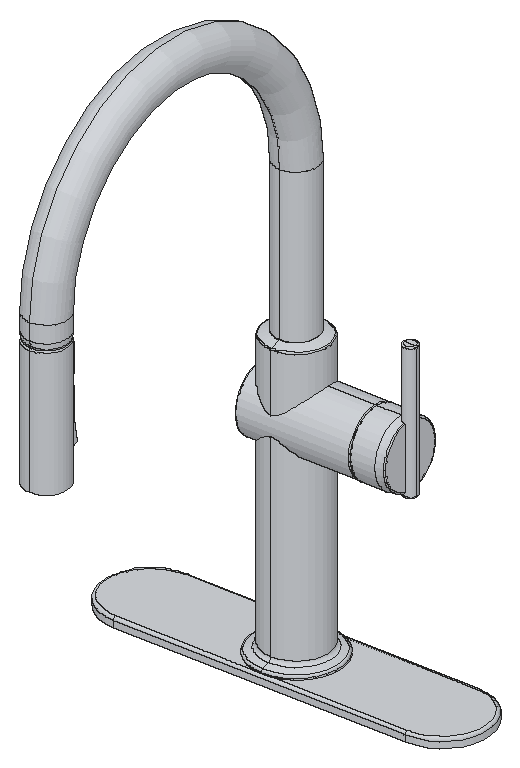
Revit family "Faucet-Kitchen-KOHLER-Crue-K-22974_1", category Plumbing Fixtures, host Face, Revit 2017
Family settings
  Host = Face
  Round Connector Dimension = Use Diameter
  Part Type = Normal
  OmniClass Number = 23.31.11.00
  OmniClass Title = Faucets
  Cut with Voids When Loaded = No
  Shared = No
  Room Calculation Point = No
Parameters (values of type "CP-Polished Chrome")
  Width [instance] = if(Escutcheon Plate, 10 1/2", 2 3/8")  # 10 1/2"
  WaterSense Certified = 1 = 0  # no
  Waste Water Outlet = "Waste Water Outlet"  # constant formula
  Waste Connection = 1 = 0  # no
  Voltage = 120 V  # constant formula
  Vent Connection = 1 = 0  # no
  URL = "https://www.us.kohler.com/us/"
  Type = 1
  Spout Reach = 8 9/16"  # constant formula
  Product Page URL = "http://www.us.kohler.com/us/catalog/productDetails.jsp?productId=22974"
  Product Name = "Crue"  # constant formula
  Product Documentation Link = "https://www.us.kohler.com/webassets/kpna/catalog/pdf/en/K-22974_spec_US-CA_Kohler_en.pdf"
  Pressure = 60.00 psi  # constant formula
  Model = if(Type = 1, "K-22974-CP", if(Type = 2, "K-22974-VS", if(Type = 3, "K-22974-2MB", if(Type = 4, "K-22974-BL", "NA"))))  # "K-22974-CP"
  Material = "Premium Metal Construction"  # constant formula
  Master Format 2014 Name = "Residential Faucets, Supplies, and Trim"  # constant formula
  Master Format 2014 = "22 41 39"  # constant formula
  Manufacturer Address = "444 Highland Dr, Kohler, WI 53044"  # constant formula
  Manufacturer = "KOHLER Co."  # constant formula
  Length = Spout Reach  # 8 9/16"
  Hot Water Inlet = "Hot Water Inlet"  # constant formula
  Height = 17 3/16"  # constant formula
  Handle Clearance = 2 3/4"  # constant formula
  HW Connection = 1 = 1  # yes
  Flow Rate = 1.5 GPM  # constant formula
  Finish = Kohler-Metal-CP-Polished_Chrome
  Escutcheon Plate Height [instance] = if(Escutcheon Plate, 1/4", 0")  # 1/4"
  Escutcheon Plate [instance] = yes
  Environmental Product Declaration = ""
  Electrical Note = "One Dedicated Circuit Required"  # constant formula
  Electrical Connector = 1 = 1  # yes
  Drain Included = 1 = 0  # no
  Distance [instance] = if(Escutcheon Plate, 2 1/2", 2 3/8")  # 2 1/2"
  Description = "Touchless Pulldown Kitchen Faucet"  # constant formula
  Default Elevation = 36"
  Declare Label = ""
  Date Modified = "07/01/2020"  # constant formula
  Date Created = "07/01/2020"  # constant formula
  Copyright = "Copyright KOHLER Co."  # constant formula
  Contact Us = "https://www.us.kohler.com/us/static/contact.jsp"
  Cold Water Inlet = "Cold Water Inlet"  # constant formula
  CW Connection = 1 = 1  # yes
  Assembly Code = "D2010"
  Apparent Load = 0.15 A * Voltage  # 18 VA
  ADA Compliant = 1 = 1  # yes
Types (5): name | Type | Model | Finish
  (no name) | 1 | "K-22974-CP" | Kohler-Metal-CP-Polished_Chrome
  CP-Polished Chrome | 1 | "K-22974-CP" | Kohler-Metal-CP-Polished_Chrome
  VS-Vibrant Stainless | 2 | "K-22974-VS" | Kohler-Metal-VS-Vibrant_Stainless
  2MB-Vibrant Brushed Moderne Brass | 3 | "K-22974-2MB" | Kohler-Metal-2MB-Vibrant_Brushed_Moderne_Brass
  BL-Matte Black | 4 | "K-22974-BL" | Kohler-Metal-BL-Matte_Black
Reference planes (in)
  plane 1 "Center (Front/Back)": y = 0
  plane 2: z = 0
  plane 3 "Center (Left/Right)": x = 0
  plane 4: x = -5.25
  plane 5: x = 5.25
  plane 6: y = 1.25
  plane 7: y = -1.25
  plane 8: z = 0.25
  plane 9: x = -0.60587
  plane 10: x = 0.60587
  plane 11: z = 6.1875
  plane 12: z = 8.9375
  plane 13: z = 7.09203
  plane 14: z = 5.28303
  plane 15: z = 5.22823
  plane 16: x = 3.125
  plane 17: y = -8.5625
  plane 18: z = 17.1875
  plane 19: z = 8.18898
  plane 20: y = 1.1875
  plane 21: y = -1.1875
  plane 22: y = 0.18703
  plane 23: y = -0.1875
  plane 24: x = 3.30058
  plane 25: x = 2.94942
  plane 26: y = 0.9045
  plane 27: y = -0.9045
Dimensions and locks (in)
  equal spacing: plane 4, plane 3 "Center (Left/Right)", plane 5
  "Width": plane 4 to plane 5
  equal spacing: plane 7, plane 1 "Center (Front/Back)", plane 6
  "Distance": plane 7 to plane 6
  "Escutcheon Plate Height": plane 8 to plane 2
  locked: plane 12 to plane 2 at 8.9375
  "Handle Clearance": plane 12 to plane 11
  plane 16 to plane 3 "Center (Left/Right)" = 3 1/8"
  "Spout Reach": plane 1 "Center (Front/Back)" to plane 17
  "Height": plane 18 to plane 2
  plane 19 to plane 2 = 8.18898"
  aligned and locked: plane 2 to host face
  aligned and locked: level to host face
Automatic sketch dimensions
  host sketch curve to host sketch curve = 96"  (x2)
Nested families (in)
  nested 1: "K-22974_Escutcheon_Plate" at (0, 0, 0), type "K-22974_Escutcheon_Plate"
  nested 2: "K-22974" at (0, 0, 0), type "K-22974"
Connectors (in)
  piping at (-0.60587, 0, 0), diameter 0.375, driven by "Flow Rate", driven by "Pressure", driven by "HW Connection", driven by "Hot Water Inlet"
    settings: on nested 1, index 1, connector inside diameter 24", connector length 0", flow factor 0, pipe flow 1.5 GPM, pressure drop 60.00 psi, fitting loss kfactor 0, connector angle 0.00°, fixture units 0, engagement length 0", angle of deflection 0.00°, flow configuration 1, flow direction 1, fitting loss method 4, system type 19, joint type 0, gender type 0, connector reference index -1, connector utility 1, adjustable connector no, is connector primary yes, connector description "Hot Water Inlet"
  piping at (0.60587, 0, 0), diameter 0.375, driven by "Flow Rate", driven by "Pressure", driven by "CW Connection", driven by "Cold Water Inlet"
    settings: on nested 1, index 2, connector inside diameter 24", connector length 0", flow factor 0, pipe flow 1.5 GPM, pressure drop 60.00 psi, fitting loss kfactor 0, connector angle 0.00°, fixture units 0, engagement length 0", angle of deflection 0.00°, flow configuration 1, flow direction 1, fitting loss method 4, system type 20, joint type 0, gender type 0, connector reference index -1, connector utility 1, adjustable connector no, is connector primary no, connector description "Cold Water Inlet"
  electrical at (0, 0, 0), driven by "Voltage", driven by "Apparent Load", driven by "Electrical Connector", driven by "Electrical Note"
    settings: on nested 2, index 3, voltage 120 V, apparent load 18 VA, apparent load phase1 0 VA, apparent load phase2 0 VA, apparent load phase3 0 VA, power factor 1, load classification "Power", number of poles 1, system type 30, power factor state 1, is connector primary yes, connector utility yes, sub classification motor no, connector description "One Dedicated Circuit Required"
Definition of nested family "K-22974_Escutcheon_Plate"
  Parameters (values of type "K-22974_Escutcheon_Plate")
    Material = none
    Escutcheon Plate = yes
  Reference planes (in)
    plane 1 "Center (Front/Back)": y = 0
    plane 2: z = 0
    plane 3 "Center (Left/Right)": x = 0
    plane 4: x = -5.25591
    plane 5: x = 5.25591
    plane 6: y = 1.25
    plane 7: z = 0.25
    plane 8: y = -1.25
    plane 9: x = -1.1875
    plane 10: x = 1.1875
    plane 11: y = 1.1875
    plane 12: y = -1.1875
    plane 13: x = -0.60587
    plane 14: x = 0.60587
  Forms (in)
    Sweep 1, solid, material <- "Material", visible <- "Escutcheon Plate", detail levels medium+fine
      path origin (0, 0, 0) x (1, 0, 0) y (0, 1, 0)
        loop
          line (3.99467, 1.25) -> (-4.00205, 1.25)
          arc (-4.00205, 1.25) -> (-5.25205, 0) -> (-4.00205, -1.25) r 1.25
          line (-4.00205, -1.25) -> (3.99467, -1.25)
          arc (3.99467, -1.25) -> (5.24467, 0) -> (3.99467, 1.25) r 1.25
      profile origin (-0.00369, 1.25, 0) x (0, -1, 0) y (0, 0, 1)
        loop
          arc (0.07812, 0.25) -> (0.02288, 0.22712) -> (0, 0.17187) r 0.07813
          line (0, 0.17187) -> (0, 0) -> (0.18335, 0) -> (0.18335, 0.25) -> (0.07812, 0.25)
    Extrusion 2, solid, material <- "Material", visible <- "Escutcheon Plate", detail levels medium+fine
      sketch origin (0, 0, 0) x (1, 0, 0) y (0, 1, 0)
        loop
          line (-4.00205, -1.06665) -> (3.99467, -1.06665)
          arc (3.99467, -1.06665) -> (5.06132, 0) -> (3.99467, 1.06665) r 1.06665
          line (3.99467, 1.06665) -> (-4.00205, 1.06665)
          arc (-4.00205, 1.06665) -> (-5.0687, 0) -> (-4.00205, -1.06665) r 1.06665
      from 0 to 0.25
    Extrusion 3, void
      sketch origin (0, 0, 0) x (1, 0, 0) y (0, 1, 0)
        loop
          circle (0, 0) r 1.1875
      from 0.11697 to 0.78519
    Extrusion 4, solid, material <- "Material", visible <- "Escutcheon Plate", detail levels coarse
      sketch origin (0, 0, 0) x (1, 0, 0) y (0, 1, 0)
        loop
          line (-5.25591, 1.25) -> (-5.25591, -1.25) -> (5.25591, -1.25) -> (5.25591, 1.25) -> (-5.25591, 1.25)
        loop
          circle (0, 0) r 1.1875
      from 0 to 0.25
    Extrusion 5, solid, material <- "Material", detail levels medium+fine
      sketch origin (0, 0, 0) x (1, 0, 0) y (0, 1, 0)
        loop
          circle (-0.60587, 0) r 0.1875
        loop
          circle (0.60587, 0) r 0.1875
      from 0 to 0.11697
  Cuts and joins
    Extrusion 3 cuts Sweep 1
    Extrusion 3 cuts Extrusion 2
    joined: Sweep 1, Extrusion 2
  Lines and regions (in)
    Masking region 1, visible <- "Escutcheon Plate"
      outline origin (0, 0, 0) x (1, 0, 0) y (0, 0, 1)
        loop
          line (-5.25591, 0.17188) -> (-5.25591, 0) -> (5.25591, 0) -> (5.25591, 0.17188)
          arc (5.25591, 0.17188) -> (5.23302, 0.22712) -> (5.17778, 0.25) r 0.07813
          line (5.17778, 0.25) -> (-5.17778, 0.25)
          arc (-5.17778, 0.25) -> (-5.23302, 0.22712) -> (-5.25591, 0.17188) r 0.07813
    Masking region 2, visible <- "Escutcheon Plate"
      outline origin (0, 0, 0) x (0, 1, 0) y (0, 0, 1)
        loop
          arc (1.25, 0.17338) -> (1.22756, 0.22756) -> (1.17338, 0.25) r 0.07662
          line (1.17338, 0.25) -> (-1.17193, 0.25)
          arc (-1.17193, 0.25) -> (-1.22713, 0.22713) -> (-1.25, 0.17193) r 0.07807
          line (-1.25, 0.17193) -> (-1.25, 0) -> (1.25, 0) -> (1.25, 0.17338)
    Masking region 3, visible <- "Escutcheon Plate"
      outline origin (0, 0, 0) x (1, 0, 0) y (0, 1, 0)
        loop
          line (4.12451, 1.25) -> (-4.12451, 1.25)
          arc (-4.12451, 1.25) -> (-4.93105, 0.84299) -> (-5.25591, 0) r 1.25622
          arc (-5.25591, 0) -> (-4.93105, -0.84299) -> (-4.12451, -1.25) r 1.25622
          line (-4.12451, -1.25) -> (4.12451, -1.25)
          arc (4.12451, -1.25) -> (4.93105, -0.84299) -> (5.25591, 0) r 1.25622
          arc (5.25591, 0) -> (4.93105, 0.84299) -> (4.12451, 1.25) r 1.25622
    symbolic lines, visible <- "Escutcheon Plate", detail levels medium+fine
      curve 1: circle (0, 0, 0) r 1.1875 normal (0, 0, 1)
  Dimensions and locks (in)
    plane 4 to plane 5 = 10.51181"
    locked: plane 8 to plane 6 at 2.5
    locked: plane 7 to plane 2 at 0.25
    locked: plane 9 to plane 10 at 2.375
    locked: plane 11 to plane 12 at 2.375
    aligned and locked: plane 2 to level
Definition of nested family "K-22974"
  Parameters (values of type "K-22974")
    Without Plate = not(With Plate)  # no
    With Plate = yes
    Material = none
  Reference planes (in)
    plane 1 "Center (Front/Back)": y = 0
    plane 2: z = 0
    plane 3 "Center (Left/Right)": x = 0
    plane 4: z = 17.1875
    plane 5: y = -8.5625
    plane 6: z = 8.18898
    plane 7: y = 1.1875
    plane 8: y = -1.1875
    plane 9: x = -1.1875
    plane 10: x = 1.1875
    plane 11: z = 0.25
    plane 12: x = 3.125
    plane 13: z = 8.9375
    plane 14: z = 6.1875
    plane 15: z = 7.09203
    plane 16: z = 5.28303
    plane 17: z = 5.22823
    plane 18: y = -0.9045
    plane 19: y = 0.9045
    plane 20: y = 0.18703
    plane 21: y = -0.1875
    plane 22: x = 3.30058
    plane 23: x = 2.94942
  Forms (in)
    Revolve 1, solid, material <- "Material", detail levels medium+fine
      sketch origin (0, 0, 0) x (0, 1, 0) y (0, 0, 1)
        loop
          line (1.1875, 0.12059) -> (1.1875, 0.27852)
          arc (1.1875, 0.27852) -> (1.1748, 0.31847) -> (1.14135, 0.34374) r 0.06917
          line (1.14135, 0.34374) -> (0.94681, 0.41242)
          arc (0.94681, 0.41242) -> (0.88752, 0.45724) -> (0.865, 0.52806) r 0.12264
          line (0.865, 0.52806) -> (0.865, 8.05329)
          arc (0.865, 8.05329) -> (0.85813, 8.07373) -> (0.84032, 8.08587) r 0.03385
          line (0.84032, 8.08587) -> (0.56508, 8.16339) -> (0.42051, 8.16339)
          arc (0.42051, 8.16339) -> (0.3972, 8.1719) -> (0.38486, 8.19343) r 0.03617
          line (0.38486, 8.19343) -> (0, 8.19343) -> (0, 0.07059) -> (1.16753, 0.07059)
          arc (1.16753, 0.07059) -> (1.18232, 0.09367) -> (1.1875, 0.12059) r 0.07259
        axis (0, 8.19343) -> (0, 0.07059)
      angle from 0 to 360
    Sweep 2, solid, material <- "Material", detail levels medium+fine
      path origin (0, 0, 0) x (0, 1, 0) y (0, 0, 1)
        loop
          line (-8.5625, 11.89718) -> (-8.5625, 12.36027)
          arc (-8.5625, 12.36027) -> (-4.28125, 16.64152) -> (0, 12.36027) r 4.28125
          line (0, 12.36027) -> (0, 8.18801)
      profile origin (0, 0, 10.27414) x (1, 0, 0) y (0, 1, 0)
        loop
          circle (0, 0) r 0.56299
    Revolve 3, solid, material <- "Material", detail levels medium+fine
      sketch origin (0, 0, 0) x (0, 1, 0) y (0, 0, 1)
        loop
          line (-8.5625, 11.89718) -> (-8.5625, 8.18898) -> (-7.99951, 8.18898) -> (-7.99951, 11.67501)
          arc (-7.99951, 11.67501) -> (-8.01425, 11.7088) -> (-8.04904, 11.72098) r 0.0461
          arc (-8.04904, 11.72098) -> (-8.02469, 11.73157) -> (-8.01312, 11.75547) r 0.0382
          line (-8.01312, 11.75547) -> (-7.99951, 11.89718) -> (-8.5625, 11.89718)
        axis (-8.5625, 11.89718) -> (-8.5625, 8.18898)
      angle from 0 to 360
    Extrusion 4, solid, detail levels medium+fine
      sketch origin (0, 0, 0) x (0, 1, 0) y (0, 0, 1)
        loop
          line (-7.90327, 11.41895) -> (-8.11595, 11.41895) -> (-8.11595, 10.61999) -> (-7.90463, 10.61999)
          arc (-7.90463, 10.61999) -> (-7.87992, 10.63023) -> (-7.86968, 10.65494) r 0.03495
          line (-7.86968, 10.65494) -> (-7.86968, 11.38536)
          arc (-7.86968, 11.38536) -> (-7.87952, 11.40911) -> (-7.90327, 11.41895) r 0.03359
        loop
          arc (-7.89688, 10.32983) -> (-7.96632, 10.34545) -> (-8.03686, 10.35488) r 0.80561
          line (-8.03686, 10.35488) -> (-8.03686, 8.81777)
          arc (-8.03686, 8.81777) -> (-7.9146, 8.84357) -> (-7.79869, 8.89024) r 0.71535
          arc (-7.79869, 8.89024) -> (-7.781, 8.90777) -> (-7.77679, 8.93232) r 0.0408
          line (-7.77679, 8.93232) -> (-7.85613, 9.49408)
          arc (-7.85613, 9.49408) -> (-7.86101, 9.54027) -> (-7.86264, 9.5867) r 0.66217
          line (-7.86264, 9.5867) -> (-7.86264, 10.28504)
          arc (-7.86264, 10.28504) -> (-7.87218, 10.31323) -> (-7.89688, 10.32983) r 0.04642
      from -0.19331 to 0.19273
    Revolve 5, solid, material <- "Material", detail levels medium+fine
      sketch origin (0, 0, 0) x (1, 0, 0) y (0, 0, 1)
        loop
          line (3.125, 6.1875) -> (3.125, 7.03676)
          arc (3.125, 7.03676) -> (3.11706, 7.05589) -> (3.0979, 7.06377) r 0.02701
          arc (3.0979, 7.06377) -> (2.98915, 7.07068) -> (2.88228, 7.092) r 0.81743
          line (2.88228, 7.092) -> (2.2063, 7.092)
          arc (2.2063, 7.092) -> (2.18987, 7.0852) -> (2.18307, 7.06816) r 0.02322
          arc (2.18307, 7.06816) -> (2.17609, 7.08502) -> (2.15923, 7.092) r 0.02384
          line (2.15923, 7.092) -> (-0.93569, 7.092)
          arc (-0.93569, 7.092) -> (-0.95288, 7.08488) -> (-0.96, 7.06769) r 0.02431
          line (-0.96, 7.06769) -> (-0.96, 6.1875) -> (3.125, 6.1875)
        axis (3.125, 6.1875) -> (-0.96, 6.1875)
      angle from 0 to 360
    Revolve 6, solid, material <- "Material", detail levels medium+fine
      sketch origin (0, 0, 0) x (1, 0, 0) y (0, 0, 1)
        loop
          line (3.125, 8.9375) -> (2.96681, 8.9375)
          arc (2.96681, 8.9375) -> (2.94609, 8.92892) -> (2.9375, 8.90819) r 0.02931
          line (2.9375, 8.90819) -> (2.9375, 5.25788)
          arc (2.9375, 5.25788) -> (2.94619, 5.23692) -> (2.96715, 5.22823) r 0.02965
          line (2.96715, 5.22823) -> (3.125, 5.22823) -> (3.125, 8.9375)
        axis (3.125, 8.9375) -> (3.125, 5.22823)
      angle from 0 to 360
    Extrusion 7, solid, detail levels medium+fine
      sketch origin (0, 0, 0) x (1, 0, 0) y (0, 1, 0)
        loop
          circle (-0.00036, -8.16961) r 0.04327
        loop
          circle (-0.12815, -8.19227) r 0.04327
        loop
          circle (-0.24048, -8.25727) r 0.04327
        loop
          circle (-0.32381, -8.35677) r 0.04327
        loop
          circle (-0.36808, -8.47877) r 0.04327
        loop
          circle (0.12815, -8.19227) r 0.04327
        loop
          circle (0.24048, -8.25727) r 0.04327
        loop
          circle (0.32381, -8.35677) r 0.04327
        loop
          circle (0.36808, -8.47877) r 0.04327
        loop
          circle (-0.00036, -8.917) r 0.04327
        loop
          circle (-0.12815, -8.89434) r 0.04327
        loop
          circle (-0.24048, -8.82935) r 0.04327
        loop
          circle (-0.32381, -8.72985) r 0.04327
        loop
          circle (-0.36808, -8.60785) r 0.04327
        loop
          circle (0.12815, -8.89434) r 0.04327
        loop
          circle (0.24048, -8.82935) r 0.04327
        loop
          circle (0.32381, -8.72985) r 0.04327
        loop
          circle (0.36808, -8.60785) r 0.04327
      from 8.14126 to 8.50844
    Revolve 8, solid, material <- "Material", detail levels coarse
      sketch origin (0, 0, 0) x (0, 1, 0) y (0, 0, 1)
        loop
          line (0, 0) -> (1.25, 0) -> (1.25, 0.37438) -> (0.89071, 0.45354) -> (0.89071, 8.05935) -> (0.56299, 8.18801) -> (0, 8.18801) -> (0, 0)
        axis (0, 8.18801) -> (0, 0)
      angle from 0 to 360
    Revolve 9, solid, material <- "Material", detail levels coarse
      sketch origin (0, 0, 0) x (1, 0, 0) y (0, 0, 1)
        loop
          line (3.125, 6.1875) -> (3.125, 7.092) -> (-0.99755, 7.092) -> (-0.99755, 6.1875) -> (3.125, 6.1875)
        axis (-0.99755, 6.1875) -> (3.125, 6.1875)
      angle from 0 to 360
    Revolve 10, solid, material <- "Material", detail levels coarse
      sketch origin (0, 0, 0) x (1, 0, 0) y (0, 0, 1)
        loop
          line (3.30058, 8.9375) -> (3.125, 8.9375) -> (3.125, 5.22823) -> (3.30058, 5.22823) -> (3.30058, 8.9375)
        axis (3.125, 8.9375) -> (3.125, 5.22823)
      angle from 0 to 360
    Sweep 11, solid, material <- "Material", detail levels coarse
      path origin (0, 0, 0) x (0, 1, 0) y (0, 0, 1)
        loop
          line (0, 7.59843) -> (0, 12.37803)
          arc (0, 12.37803) -> (-4.27165, 16.64969) -> (-8.54331, 12.37803) r 4.27165
          line (-8.54331, 12.37803) -> (-8.54331, 8.10436)
      profile origin (0, 0, 9.98823) x (0, -1, 0) y (1, 0, 0)
        loop
          circle (0, 0) r 0.56299
    Revolve 12, solid, detail levels medium+fine
      sketch origin (0, 0, 0) x (0, 1, 0) y (0, 0, 1)
        loop
          line (0, 0) -> (1.1875, 0) -> (1.1875, 0.04464)
          arc (1.1875, 0.04464) -> (1.18198, 0.06097) -> (1.16768, 0.0706) r 0.02691
          line (1.16768, 0.0706) -> (0, 0.0706) -> (0, 0)
        axis (0, 0.0706) -> (0, 0)
      angle from 0 to 360
  Cuts and joins
    joined: Revolve 1, Sweep 2, Revolve 3, Revolve 5, Revolve 6
    joined: Revolve 8, Revolve 9, Revolve 10, Sweep 11
  Lines and regions (in)
    Masking region 1
      outline origin (0, 0, 0) x (1, 0, 0) y (0, 0, 1)
        loop
          arc (0.865, 0.5066) -> (0.89071, 0.43085) -> (0.95723, 0.38641) r 0.12443
          line (0.95723, 0.38641) -> (1.15005, 0.33474)
          arc (1.15005, 0.33474) -> (1.17706, 0.31669) -> (1.1875, 0.28593) r 0.05053
          line (1.1875, 0.28593) -> (1.1875, 0.25) -> (-1.1875, 0.25) -> (-1.1875, 0.28593)
          arc (-1.1875, 0.28593) -> (-1.17706, 0.31669) -> (-1.15005, 0.33474) r 0.05053
          line (-1.15005, 0.33474) -> (-0.95723, 0.38641)
          arc (-0.95723, 0.38641) -> (-0.89071, 0.43085) -> (-0.865, 0.5066) r 0.12443
          line (-0.865, 0.5066) -> (-0.865, 5.28303) -> (-0.93615, 5.28303)
          arc (-0.93615, 5.28303) -> (-0.95301, 5.29002) -> (-0.96, 5.30688) r 0.02385
          line (-0.96, 5.30688) -> (-0.96, 7.06812)
          arc (-0.96, 7.06812) -> (-0.953, 7.08503) -> (-0.93609, 7.09203) r 0.02391
          line (-0.93609, 7.09203) -> (-0.865, 7.09203) -> (-0.865, 8.0537)
          arc (-0.865, 8.0537) -> (-0.85824, 8.07381) -> (-0.84071, 8.08577) r 0.03332
          line (-0.84071, 8.08577) -> (-0.56505, 8.16339) -> (-0.4299, 8.16339) -> (-0.41062, 8.18898) -> (-0.5583, 8.18898) -> (-0.5583, 16.62451)
          arc (-0.5583, 16.62451) -> (0.00469, 17.1875) -> (0.56768, 16.62451) r 0.56299
          line (0.56768, 16.62451) -> (0.56768, 8.18898) -> (0.41062, 8.18898) -> (0.4299, 8.16339) -> (0.56505, 8.16339) -> (0.84071, 8.08577)
          arc (0.84071, 8.08577) -> (0.85824, 8.07381) -> (0.865, 8.0537) r 0.03332
          line (0.865, 8.0537) -> (0.865, 7.09203) -> (2.15992, 7.09203)
          arc (2.15992, 7.09203) -> (2.17629, 7.08525) -> (2.18307, 7.06888) r 0.02315
          arc (2.18307, 7.06888) -> (2.18946, 7.08564) -> (2.20488, 7.09203) r 0.02181
          line (2.20488, 7.09203) -> (2.88264, 7.09203) -> (2.93787, 7.07916) -> (2.93787, 8.9078)
          arc (2.93787, 8.9078) -> (2.94657, 8.9288) -> (2.96757, 8.9375) r 0.0297
          line (2.96757, 8.9375) -> (3.28243, 8.9375)
          arc (3.28243, 8.9375) -> (3.30394, 8.92859) -> (3.31285, 8.90708) r 0.03042
          line (3.31285, 8.90708) -> (3.31285, 5.25805)
          arc (3.31285, 5.25805) -> (3.30412, 5.23696) -> (3.28304, 5.22823) r 0.02981
          line (3.28304, 5.22823) -> (2.96772, 5.22823)
          arc (2.96772, 5.22823) -> (2.94661, 5.23697) -> (2.93787, 5.25808) r 0.02985
          line (2.93787, 5.25808) -> (2.93787, 5.29578) -> (2.88264, 5.28303) -> (2.20576, 5.28303)
          arc (2.20576, 5.28303) -> (2.18972, 5.28968) -> (2.18307, 5.30572) r 0.02269
          arc (2.18307, 5.30572) -> (2.17586, 5.29024) -> (2.15845, 5.28303) r 0.02462
          line (2.15845, 5.28303) -> (0.865, 5.28303) -> (0.865, 0.51257)
    Masking region 2
      outline origin (0, 0, 0) x (0, 1, 0) y (0, 0, 1)
        loop
          line (-0.56299, 8.18801) -> (-0.41135, 8.18801) -> (-0.4299, 8.16339) -> (-0.56505, 8.16339) -> (-0.84071, 8.08577)
          arc (-0.84071, 8.08577) -> (-0.85824, 8.07381) -> (-0.865, 8.0537) r 0.03332
          line (-0.865, 8.0537) -> (-0.865, 6.45188)
          arc (-0.865, 6.45188) -> (-0.9045, 6.1875) -> (-0.865, 5.92312) r 0.9045
          line (-0.865, 5.92312) -> (-0.865, 0.51255)
          arc (-0.865, 0.51255) -> (-0.89071, 0.4368) -> (-0.95723, 0.39235) r 0.12443
          line (-0.95723, 0.39235) -> (-1.15005, 0.34069)
          arc (-1.15005, 0.34069) -> (-1.17706, 0.32264) -> (-1.1875, 0.29188) r 0.05053
          line (-1.1875, 0.29188) -> (-1.1875, 0.25) -> (1.1875, 0.25) -> (1.1875, 0.29188)
          arc (1.1875, 0.29188) -> (1.17706, 0.32264) -> (1.15005, 0.34069) r 0.05053
          line (1.15005, 0.34069) -> (0.95723, 0.39235)
          arc (0.95723, 0.39235) -> (0.89071, 0.4368) -> (0.865, 0.51255) r 0.12443
          line (0.865, 0.51255) -> (0.865, 5.92312)
          arc (0.865, 5.92312) -> (0.9045, 6.1875) -> (0.865, 6.45188) r 0.9045
          line (0.865, 6.45188) -> (0.865, 8.0537)
          arc (0.865, 8.0537) -> (0.85824, 8.07381) -> (0.84071, 8.08577) r 0.03332
          line (0.84071, 8.08577) -> (0.56505, 8.16339) -> (0.4299, 8.16339) -> (0.41135, 8.18801) -> (0.54089, 8.18801) -> (0.54089, 12.35431)
          arc (0.54089, 12.35431) -> (-4.2923, 17.1875) -> (-9.12549, 12.35431) r 4.83319
          line (-9.12549, 12.35431) -> (-9.12549, 11.89718) -> (-9.11181, 11.75476)
          arc (-9.11181, 11.75476) -> (-9.0998, 11.73144) -> (-9.07503, 11.72279) r 0.03539
          arc (-9.07503, 11.72279) -> (-9.10575, 11.70885) -> (-9.11832, 11.67755) r 0.04526
          line (-9.11832, 11.67755) -> (-9.11832, 8.18898) -> (-8.9757, 8.18898) -> (-8.9757, 8.10436) -> (-8.82446, 8.10436) -> (-8.82446, 8.18898) -> (-8.79368, 8.18898) -> (-8.79368, 8.10436) -> (-8.72496, 8.10436) -> (-8.72496, 8.18898) -> (-8.6895, 8.18898) -> (-8.6895, 8.10436) -> (-8.60296, 8.10436) -> (-8.60296, 8.18898) -> (-8.52204, 8.18898) -> (-8.52204, 8.10436) -> (-8.4355, 8.10436) -> (-8.4355, 8.18898) -> (-8.40004, 8.18898) -> (-8.40004, 8.10436) -> (-8.33132, 8.10436) -> (-8.33132, 8.18898) -> (-8.30054, 8.18898) -> (-8.30054, 8.10436) -> (-8.1493, 8.10436) -> (-8.1493, 8.18898) -> (-8.00668, 8.18898) -> (-8.00668, 8.82208)
          arc (-8.00668, 8.82208) -> (-7.90007, 8.84816) -> (-7.79869, 8.89024) r 0.71535
          arc (-7.79869, 8.89024) -> (-7.781, 8.90777) -> (-7.77679, 8.93232) r 0.0408
          line (-7.77679, 8.93232) -> (-7.85613, 9.49408)
          arc (-7.85613, 9.49408) -> (-7.86101, 9.54027) -> (-7.86264, 9.5867) r 0.66217
          line (-7.86264, 9.5867) -> (-7.86264, 10.28504)
          arc (-7.86264, 10.28504) -> (-7.87218, 10.31323) -> (-7.89688, 10.32983) r 0.04642
          arc (-7.89688, 10.32983) -> (-7.9514, 10.34264) -> (-8.00668, 10.35162) r 0.80561
          line (-8.00668, 10.35162) -> (-8.00668, 10.61999) -> (-7.90463, 10.61999)
          arc (-7.90463, 10.61999) -> (-7.87992, 10.63023) -> (-7.86968, 10.65494) r 0.03495
          line (-7.86968, 10.65494) -> (-7.86968, 11.38536)
          arc (-7.86968, 11.38536) -> (-7.87952, 11.40911) -> (-7.90327, 11.41895) r 0.03359
          line (-7.90327, 11.41895) -> (-8.00668, 11.41895) -> (-8.00668, 11.67657)
          arc (-8.00668, 11.67657) -> (-8.01933, 11.70833) -> (-8.05035, 11.72269) r 0.04619
          arc (-8.05035, 11.72269) -> (-8.02534, 11.73132) -> (-8.01319, 11.75476) r 0.03539
          line (-8.01319, 11.75476) -> (-7.99951, 11.89718) -> (-7.99951, 12.36043)
          arc (-7.99951, 12.36043) -> (-4.28125, 16.07868) -> (-0.56299, 12.36043) r 3.71826
          line (-0.56299, 12.36043) -> (-0.56299, 8.19374)
    Masking region 3
      outline origin (0, 0, 0) x (1, 0, 0) y (0, 1, 0)
        loop
          arc (0, -9.1063) -> (0.3981, -8.9414) -> (0.56299, -8.54331) r 0.56299
          line (0.56299, -8.54331) -> (0.56299, -1.04556)
          arc (0.56299, -1.04556) -> (0.66994, -0.98048) -> (0.76944, -0.9045) r 1.1875
          line (0.76944, -0.9045) -> (2.16011, -0.9045)
          arc (2.16011, -0.9045) -> (2.17635, -0.89778) -> (2.18307, -0.87979) r 0.02296
          arc (2.18307, -0.87979) -> (2.19031, -0.89726) -> (2.20778, -0.9045) r 0.02471
          line (2.20778, -0.9045) -> (2.88228, -0.9045)
          arc (2.88228, -0.9045) -> (2.9893, -0.88315) -> (3.09822, -0.87626) r 0.81722
          arc (3.09822, -0.87626) -> (3.11715, -0.86848) -> (3.125, -0.84958) r 0.02668
          line (3.125, -0.84958) -> (3.125, -0.18703)
          arc (3.125, -0.18703) -> (3.31203, 0) -> (3.125, 0.18703) r 0.18703
          line (3.125, 0.18703) -> (3.125, 0.84979)
          arc (3.125, 0.84979) -> (3.11721, 0.86854) -> (3.09843, 0.87626) r 0.02647
          arc (3.09843, 0.87626) -> (2.98941, 0.88314) -> (2.88228, 0.9045) r 0.81722
          line (2.88228, 0.9045) -> (2.20565, 0.9045)
          arc (2.20565, 0.9045) -> (2.18968, 0.89789) -> (2.18307, 0.88099) r 0.02258
          arc (2.18307, 0.88099) -> (2.17619, 0.89762) -> (2.15956, 0.9045) r 0.02351
          line (2.15956, 0.9045) -> (0.71686, 0.9045)
          arc (0.71686, 0.9045) -> (0.38023, 1.1012) -> (0, 1.1875) r 1.28072
          arc (0, 1.1875) -> (-0.40992, 1.11451) -> (-0.76944, 0.9045) r 1.1875
          line (-0.76944, 0.9045) -> (-0.96, 0.9045) -> (-0.96, 0.69897)
          arc (-0.96, 0.69897) -> (-1.12919, 0.36753) -> (-1.1875, 0) r 1.1875
          arc (-1.1875, 0) -> (-1.12925, -0.37417) -> (-0.96, -0.71292) r 1.2308
          line (-0.96, -0.71292) -> (-0.96, -0.9045) -> (-0.79141, -0.9045)
          arc (-0.79141, -0.9045) -> (-0.68128, -0.98516) -> (-0.56299, -1.05331) r 1.2481
          line (-0.56299, -1.05331) -> (-0.56299, -8.54331)
          arc (-0.56299, -8.54331) -> (-0.3981, -8.9414) -> (0, -9.1063) r 0.56299
    Masking region 4, visible <- "Without Plate"
      outline origin (0, 0, 0) x (1, 0, 0) y (0, 0, 1)
        loop
          line (0.00011, 0) -> (1.18771, 0) -> (1.18771, 0.0506)
          arc (1.18771, 0.0506) -> (1.18189, 0.06471) -> (1.16781, 0.07059) r 0.01999
          arc (1.16781, 0.07059) -> (1.18141, 0.09238) -> (1.18739, 0.11736) r 0.07978
          line (1.18739, 0.11736) -> (1.18739, 0.25) -> (-1.18739, 0.25) -> (-1.18739, 0.1232)
          arc (-1.18739, 0.1232) -> (-1.18228, 0.09509) -> (-1.16759, 0.07059) r 0.07978
          arc (-1.16759, 0.07059) -> (-1.18167, 0.06471) -> (-1.1875, 0.0506) r 0.01999
          line (-1.1875, 0.0506) -> (-1.1875, 0) -> (0.00011, 0)
    Masking region 5, visible <- "Without Plate"
      outline origin (0, 0, 0) x (0, 1, 0) y (0, 0, 1)
        loop
          line (1.1875, 0) -> (1.1875, 0.04967)
          arc (1.1875, 0.04967) -> (1.1817, 0.06413) -> (1.16752, 0.07058) r 0.02093
          arc (1.16752, 0.07058) -> (1.18234, 0.09506) -> (1.1875, 0.1232) r 0.07929
          line (1.1875, 0.1232) -> (1.1875, 0.25) -> (-1.1875, 0.25) -> (-1.1875, 0.1232)
          arc (-1.1875, 0.1232) -> (-1.18234, 0.09506) -> (-1.16752, 0.07058) r 0.07929
          arc (-1.16752, 0.07058) -> (-1.1817, 0.06413) -> (-1.1875, 0.04967) r 0.02093
          line (-1.1875, 0.04967) -> (-1.1875, 0) -> (1.1875, 0)
    symbolic lines, detail levels medium+fine
      curve 1: line (-0.95723, 0, 0.38641) -> (0.95723, 0, 0.38641)
      curve 2: line (-1.15005, 0, 0.33474) -> (1.15005, 0, 0.33474)
      curve 3: line (-0.51992, 0, 11.72098) -> (0.51211, 0, 11.72098)
      curve 4: line (-0.5583, 0, 11.89718) -> (0.56768, 0, 11.89718)
      curve 5: line (2.18307, 0, 7.07022) -> (2.18307, 0, 5.30572)
      curve 6: line (3.12536, 0, 7.01571) -> (3.12536, 0, 5.35911)
      curve 7: spline (3.12535, 0, 7.01571) -> (3.12511, 0, 7.01931) -> (3.12441, 0, 7.02284) -> (3.12327, 0, 7.02626) -> (3.1217, 0, 7.02951) -> (3.11973, 0, 7.03253) -> (3.1174, 0, 7.03528) -> (3.11474, 0, 7.0377) -> (3.1118, 0, 7.03977) -> (3.10862, 0, 7.04144) -> (3.10526, 0, 7.04268) -> (3.10177, 0, 7.04348) -> (3.09821, 0, 7.04383)
      curve 8: line (3.09821, 0, 7.04383) -> (2.93787, 0, 7.07905)
      curve 9: line (2.93787, 0, 5.29578) -> (3.09825, 0, 5.33101)
      curve 10: spline (3.09825, 0, 5.33101) -> (3.10183, 0, 5.33135) -> (3.10533, 0, 5.33214) -> (3.10871, 0, 5.33338) -> (3.1119, 0, 5.33505) -> (3.11485, 0, 5.33711) -> (3.11751, 0, 5.33953) -> (3.11983, 0, 5.34228) -> (3.12179, 0, 5.3453) -> (3.12334, 0, 5.34855) -> (3.12447, 0, 5.35198) -> (3.12514, 0, 5.35552) -> (3.12536, 0, 5.35911)
      curve 11: line (0.865, 0, 5.28303) -> (0, 0, 5.92315)
      curve 12: line (0, 0, 5.92315) -> (-0.865, 0, 5.28303)
      curve 13: line (0, 0, 6.45191) -> (0.865, 0, 7.09203)
      curve 14: line (-0.865, 0, 7.09203) -> (0, 0, 6.45191)
      curve 15: arc (0, 0.1875, 7.07235) -> (0, 0.61089, 6.85454) -> (0, 0.865, 6.45188) r 0.9045
      curve 16: line (0, 0.41135, 8.18801) -> (0, 0.1875, 8.18801)
      curve 17: line (0, 0.1875, 8.91661) -> (0, 0.1875, 7.07235)
      curve 18: line (0, 0.1875, 8.16339) -> (0, 0.4299, 8.16339)
      curve 19: line (0, 0.16661, 8.9375) -> (0, 0, 8.9375)
      curve 20: line (0, 0.1875, 5.30265) -> (0, 0.1875, 5.25634)
      curve 21: arc (0, 0.865, 5.92312) -> (0, 0.61089, 5.52046) -> (0, 0.1875, 5.30265) r 0.9045
      curve 22: line (0, -0.00046, 5.22823) -> (0, 0.15939, 5.22823)
      curve 23: arc (0, 0.1875, 5.25634) -> (0, 0.17927, 5.23646) -> (0, 0.15939, 5.22823) r 0.02811
      curve 24: arc (0, -0.1875, 7.07235) -> (0, -0.61089, 6.85454) -> (0, -0.865, 6.45188) r 0.9045
      curve 25: line (0, -0.41135, 8.18801) -> (0, -0.1875, 8.18801)
      curve 26: line (0, -0.1875, 8.91972) -> (0, -0.1875, 7.07235)
      curve 27: line (0, -0.1875, 8.16339) -> (0, -0.4299, 8.16339)
      curve 28: line (0, -0.16972, 8.9375) -> (0, 0, 8.9375)
      curve 29: line (0, -0.1875, 5.30265) -> (0, -0.1875, 5.25634)
      curve 30: arc (0, -0.865, 5.92312) -> (0, -0.61089, 5.52046) -> (0, -0.1875, 5.30265) r 0.9045
      curve 31: line (0, -0.00046, 5.22823) -> (0, -0.15939, 5.22823)
      curve 32: arc (0, -0.1875, 5.25634) -> (0, -0.17927, 5.23646) -> (0, -0.15939, 5.22823) r 0.02811
      curve 34: line (-0.84071, 0, 8.08577) -> (0.41135, 0, 8.08577)
      curve 35: line (-0.41135, 0, 8.14126) -> (-0.32481, 0, 8.14126)
      curve 36: line (-0.41135, 0, 8.14126) -> (-0.41135, 0, 8.18898)
      curve 37: line (0.41135, 0, 8.08577) -> (0.84071, 0, 8.08577)
      curve 38: line (2.18307, -0.87979, 0) -> (2.18307, 0.88099, 0)
      curve 39: arc (2.9375, 0, 0) -> (2.99243, 0.13259, 0) -> (3.12502, 0.1875, 0) r 0.1875
      curve 40: arc (3.125, -0.1875, 0) -> (2.99242, -0.13258, 0) -> (2.9375, 0, 0) r 0.1875
      curve 41: line (0.71686, 0.9045, 0) -> (-0.76944, 0.9045, 0)
      curve 42: line (0.76944, -0.9045, 0) -> (0.56299, -0.9045, 0)
      curve 43: arc (0.56299, 0.04857, 0) -> (0, 0.56508, 0) -> (-0.56299, 0.04857, 0) r 0.56508
      curve 44: line (0.56299, -1.04556, 0) -> (0.56299, 0.04857, 0)
      curve 45: line (-0.56299, -1.05331, 0) -> (-0.56299, 0.04857, 0)
      curve 46: line (-0.56299, -0.9045, 0) -> (-0.79141, -0.9045, 0)
      curve 47: arc (0.56299, -0.65671, 0) -> (0, 0.865, 0) -> (-0.56299, -0.65671, 0) r 0.865
      curve 48: line (-0.96, 0.69897, 0) -> (-0.96, -0.71292, 0)
      curve 50: line (0, 0.95723, 0.39235) -> (0, -0.95723, 0.39235)
      curve 51: line (0, -8.05035, 11.72281) -> (0, -9.08028, 11.72281)
      curve 52: line (0, -7.99951, 11.89718) -> (0, -9.12549, 11.89718)
      curve 53: line (-0.41135, 0, 8.14126) -> (-0.41135, 0, 8.18898)
      curve 54: line (-0.32481, 0, 8.18898) -> (-0.32481, 0, 8.14126)
      curve 55: line (-0.28054, 0, 8.14126) -> (-0.19721, 0, 8.14126)
      curve 56: line (-0.28054, 0, 8.14126) -> (-0.28054, 0, 8.18898)
      curve 57: line (-0.17142, 0, 8.14126) -> (-0.08488, 0, 8.14126)
      curve 58: line (-0.19721, 0, 8.14126) -> (-0.19721, 0, 8.18898)
      curve 59: line (-0.17142, 0, 8.14126) -> (-0.17142, 0, 8.18898)
      curve 60: line (-0.04363, 0, 8.14126) -> (0.04363, 0, 8.14126)
      curve 61: line (-0.08488, 0, 8.14126) -> (-0.08488, 0, 8.18898)
      curve 62: line (-0.04363, 0, 8.14126) -> (-0.04363, 0, 8.18898)
      curve 63: line (0.08488, 0, 8.14126) -> (0.08488, 0, 8.18898)
      curve 64: line (0.04363, 0, 8.14126) -> (0.04363, 0, 8.18898)
      curve 65: line (-0.04363, 0, 8.14126) -> (0.04363, 0, 8.14126)
      curve 66: line (0.17142, 0, 8.14126) -> (0.08488, 0, 8.14126)
      curve 67: line (0.17142, 0, 8.14126) -> (0.17142, 0, 8.18898)
      curve 68: line (0.41135, 0, 8.14126) -> (0.32481, 0, 8.14126)
      curve 69: line (0.41135, 0, 8.14126) -> (0.41135, 0, 8.18898)
      curve 70: line (0.32481, 0, 8.18898) -> (0.32481, 0, 8.14126)
      curve 71: line (0.28054, 0, 8.14126) -> (0.2033, 0, 8.14126)
      curve 72: line (0.28054, 0, 8.14126) -> (0.28054, 0, 8.18898)
      curve 73: line (0.2033, 0, 8.14126) -> (0.2033, 0, 8.18898)
      curve 74: line (-0.41135, 0, 8.18898) -> (0.41135, 0, 8.18898)
      curve 75: line (-0.5583, 0, 11.89718) -> (-0.54836, 0, 11.75509)
      curve 76: arc (-0.54836, 0, 11.75509) -> (-0.53965, 0, 11.73344) -> (-0.51992, 0, 11.72098) r 0.03794
      curve 77: arc (-0.51992, 0, 11.72098) -> (-0.54364, 0, 11.71328) -> (-0.5583, 0, 11.6931) r 0.04035
      curve 78: line (0.56768, 0, 11.89718) -> (0.55026, 0, 11.75523)
      curve 79: arc (0.55026, 0, 11.75523) -> (0.5376, 0, 11.73096) -> (0.51211, 0, 11.72098) r 0.03901
      curve 80: arc (0.51211, 0, 11.72098) -> (0.54563, 0, 11.71074) -> (0.56768, 0, 11.6835) r 0.05994
      curve 81: line (0, 1.14086, 0.34069) -> (0, -1.15005, 0.34069)
      curve 82: line (0, -0.1875, 7.07235) -> (0, -0.1875, 5.30265)
      curve 83: line (0, 0.1875, 7.07235) -> (0, 0.1875, 5.30265)
      curve 84: arc (0, -0.16972, 8.9375) -> (0, -0.18229, 8.93229) -> (0, -0.1875, 8.91972) r 0.01778
      curve 85: arc (0, 0.1875, 8.91661) -> (0, 0.18138, 8.93138) -> (0, 0.16661, 8.9375) r 0.02089
      curve 86: arc (0, -8.00668, 10.61999) -> (0, -8.02089, 11.01947) -> (0, -8.00668, 11.41895) r 5.62208
      curve 87: arc (0, -8.00668, 10.35162) -> (0, -8.02378, 9.58685) -> (0, -8.00668, 8.82208) r 17.10962
      curve 88: line (0, -8.9757, 8.18898) -> (0, -8.82446, 8.18898)
      curve 89: line (0, -8.79368, 8.18898) -> (0, -8.72496, 8.18898)
      curve 90: line (0, -8.6895, 8.18898) -> (0, -8.60296, 8.18898)
      curve 91: line (0, -8.52204, 8.18898) -> (0, -8.4355, 8.18898)
      curve 92: line (0, -8.40004, 8.18898) -> (0, -8.33132, 8.18898)
      curve 93: line (0, -8.30054, 8.18898) -> (0, -8.1493, 8.18898)
    symbolic lines, visible <- "Without Plate", detail levels medium+fine
      curve 33: line (0, 1.16754, 0.0706) -> (0, -1.16754, 0.0706)
      curve 49: line (-1.1677, 0, 0.07059) -> (1.1677, 0, 0.07059)
  Dimensions and locks (in)
    locked: plane 4 to level at 17.1875
    locked: plane 6 to plane 2 at 8.18898
    locked: plane 1 "Center (Front/Back)" to plane 5 at 8.5625
    locked: plane 7 to plane 8 at 2.375
    locked: plane 9 to plane 10 at 2.375
    locked: plane 11 to plane 2 at 0.25
    locked: plane 12 to plane 3 "Center (Left/Right)" at 3.125
    locked: plane 13 to plane 2 at 8.9375
    locked: plane 13 to plane 14 at 2.75
    aligned and locked: plane 2 to level
